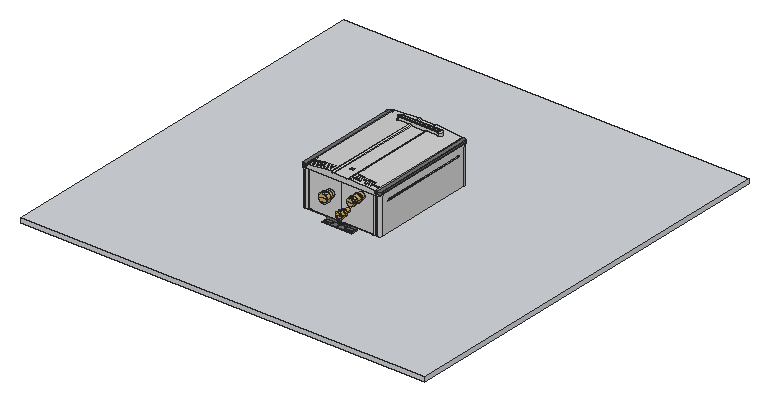
Revit family "Water_Heater-Rinnai-Ultra-Condensing-Tankless-RUS65e", category Mechanical Equipment, host Face, Revit 2012 (continued)
Definition of nested family "Water Heater"
  Definition of nested family "Masking_Nested"
    Lines and regions (in)
      Masking region 6, detail levels medium+fine
        outline origin (-35.16478, 0.40116, 0) x (1, 0, 0) y (0, 1, 0)
          loop
            line (38.70809, 12.44923) -> (38.70809, 13.93703) -> (31.62147, 13.93703) -> (31.62147, 12.44923) -> (35.01806, 12.44923)
            arc (35.01806, 12.44923) -> (34.96647, 12.52154) -> (34.94825, 12.60848) r 0.21654
            line (34.94825, 12.60848) -> (34.94825, 12.88407)
            arc (34.94825, 12.88407) -> (34.97416, 12.99629) -> (35.04667, 13.08578) r 0.25591
            line (35.04667, 13.08578) -> (35.04667, 13.27777)
            arc (35.04667, 13.27777) -> (35.16478, 13.39588) -> (35.28289, 13.27777) r 0.11811
            line (35.28289, 13.27777) -> (35.28289, 13.08578)
            arc (35.28289, 13.08578) -> (35.3554, 12.99629) -> (35.38132, 12.88407) r 0.25591
            line (35.38132, 12.88407) -> (35.38132, 12.60848)
            arc (35.38132, 12.60848) -> (35.3631, 12.52154) -> (35.3115, 12.44923) r 0.21654
            line (35.3115, 12.44923) -> (38.70809, 12.44923)
          loop
            line (31.62076, -13.55116) -> (31.62076, -14.32224) -> (38.70737, -14.32224) -> (38.70737, -13.55116) -> (36.99412, -13.55116)
            arc (36.99412, -13.55116) -> (36.91685, -13.72733) -> (36.73862, -13.79972) r 0.25559
            arc (36.73862, -13.79972) -> (36.56039, -13.72733) -> (36.48312, -13.55116) r 0.25559
            line (36.48312, -13.55116) -> (35.28217, -13.55116) -> (35.28217, -13.75667)
            arc (35.28217, -13.75667) -> (35.16406, -13.87478) -> (35.04595, -13.75667) r 0.11811
            line (35.04595, -13.75667) -> (35.04595, -13.55116) -> (33.845, -13.55116)
            arc (33.845, -13.55116) -> (33.76774, -13.72733) -> (33.58951, -13.79972) r 0.25559
            arc (33.58951, -13.79972) -> (33.41128, -13.72733) -> (33.33401, -13.55116) r 0.25559
            line (33.33401, -13.55116) -> (31.62076, -13.55116)
          loop
            line (32.39831, -13.96742) -> (32.8117, -13.96742)
            arc (32.8117, -13.96742) -> (32.91997, -13.85915) -> (32.8117, -13.75088) r 0.10827
            line (32.8117, -13.75088) -> (32.39831, -13.75088)
            arc (32.39831, -13.75088) -> (32.29005, -13.85915) -> (32.39831, -13.96742) r 0.10827
          loop
            line (32.13257, -13.76073) -> (32.13257, -13.68199)
            arc (32.13257, -13.68199) -> (32.01446, -13.56387) -> (31.89635, -13.68199) r 0.11811
            line (31.89635, -13.68199) -> (31.89635, -13.76073)
            arc (31.89635, -13.76073) -> (32.01446, -13.87884) -> (32.13257, -13.76073) r 0.11811
          loop
            arc (37.92981, -13.96742) -> (38.03808, -13.85915) -> (37.92981, -13.75088) r 0.10827
            line (37.92981, -13.75088) -> (37.20146, -13.75088)
            arc (37.20146, -13.75088) -> (37.0932, -13.85915) -> (37.20146, -13.96742) r 0.10827
            line (37.20146, -13.96742) -> (37.92981, -13.96742)
          loop
            line (38.19556, -13.68199) -> (38.19556, -13.76073)
            arc (38.19556, -13.76073) -> (38.31367, -13.87884) -> (38.43178, -13.76073) r 0.11811
            line (38.43178, -13.76073) -> (38.43178, -13.68199)
            arc (38.43178, -13.68199) -> (38.31367, -13.56387) -> (38.19556, -13.68199) r 0.11811
          loop
            circle (36.73934, 13.08086) r 0.25559
          loop
            line (37.93053, 13.50415) -> (37.51714, 13.50415)
            arc (37.51714, 13.50415) -> (37.40888, 13.39588) -> (37.51714, 13.28761) r 0.10827
            line (37.51714, 13.28761) -> (37.93053, 13.28761)
            arc (37.93053, 13.28761) -> (38.0388, 13.39588) -> (37.93053, 13.50415) r 0.10827
          loop
            line (38.19628, 13.29746) -> (38.19628, 13.21872)
            arc (38.19628, 13.21872) -> (38.31439, 13.10061) -> (38.4325, 13.21872) r 0.11811
            line (38.4325, 13.21872) -> (38.4325, 13.29746)
            arc (38.4325, 13.29746) -> (38.31439, 13.41557) -> (38.19628, 13.29746) r 0.11811
          loop
            arc (32.39903, 13.50415) -> (32.29077, 13.39588) -> (32.39903, 13.28761) r 0.10827
            line (32.39903, 13.28761) -> (33.12738, 13.28761)
            arc (33.12738, 13.28761) -> (33.23565, 13.39588) -> (33.12738, 13.50415) r 0.10827
            line (33.12738, 13.50415) -> (32.39903, 13.50415)
          loop
            circle (33.59023, 13.08086) r 0.25559
          loop
            line (32.13329, 13.21872) -> (32.13329, 13.29746)
            arc (32.13329, 13.29746) -> (32.01518, 13.41557) -> (31.89706, 13.29746) r 0.11811
            line (31.89706, 13.29746) -> (31.89706, 13.21872)
            arc (31.89706, 13.21872) -> (32.01518, 13.10061) -> (32.13329, 13.21872) r 0.11811
      Masking region 7, detail levels medium+fine
        outline origin (-35.26953, 0, 0) x (1, 0, 0) y (0, 0, 1)
          loop
            line (26.00572, -0.04045) -> (31.72622, -0.04045) -> (31.72622, -0.6218) -> (38.83231, -0.6218) -> (38.83231, -0.04045) -> (44.53334, -0.04045) -> (44.53334, 9.35031)
            arc (44.53334, 9.35031) -> (44.51461, 9.40103) -> (44.46742, 9.42742) r 0.07806
            arc (44.46742, 9.42742) -> (44.03663, 9.49362) -> (43.60536, 9.55665) r 59.05511
            arc (43.60536, 9.55665) -> (43.57084, 9.52054) -> (43.53502, 9.48571) r 1.36561
            arc (43.53502, 9.48571) -> (43.54854, 9.53813) -> (43.50686, 9.57269) r 0.05052
            arc (43.50686, 9.57269) -> (42.03052, 9.74921) -> (40.55147, 9.90144) r 92.07872
            line (40.55147, 9.90144) -> (40.52642, 10.61861)
            arc (40.52642, 10.61861) -> (40.49773, 10.68306) -> (40.43231, 10.70949) r 0.09417
            line (40.43231, 10.70949) -> (30.10675, 10.70949)
            arc (30.10675, 10.70949) -> (30.04134, 10.68306) -> (30.01264, 10.61861) r 0.09417
            line (30.01264, 10.61861) -> (29.9876, 9.90144)
            arc (29.9876, 9.90144) -> (28.53696, 9.75237) -> (27.08886, 9.58034) r 92.07872
            arc (27.08886, 9.58034) -> (27.02495, 9.52621) -> (27.04849, 9.44583) r 0.07682
            arc (27.04849, 9.44583) -> (26.98948, 9.49957) -> (26.9337, 9.55665) r 1.36561
            arc (26.9337, 9.55665) -> (26.50314, 9.49373) -> (26.07305, 9.42764) r 59.05511
            arc (26.07305, 9.42764) -> (26.02485, 9.40069) -> (26.00572, 9.34888) r 0.07973
            line (26.00572, 9.34888) -> (26.00572, -0.04045)
      Masking region 8, detail levels medium+fine
        outline origin (0, 45, 0) x (0, 1, 0) y (0, 0, 1)
          loop
            line (-57.44869, -0.04045) -> (-32.55204, -0.04045)
            arc (-32.55204, -0.04045) -> (-32.52623, -0.09026) -> (-32.47382, -0.11024) r 0.07874
            line (-32.47382, -0.11024) -> (-32.17973, -0.11024) -> (-32.17973, -0.56308)
            arc (-32.17973, -0.56308) -> (-32.17168, -0.58251) -> (-32.15226, -0.59055) r 0.02747
            line (-32.15226, -0.59055) -> (-30.69363, -0.59055)
            arc (-30.69363, -0.59055) -> (-30.66213, -0.55906) -> (-30.69363, -0.52756) r 0.0315
            line (-30.69363, -0.52756) -> (-32.11674, -0.52756) -> (-32.11674, -0.04045) -> (-32.27422, -0.04045) -> (-32.27422, 8.75945) -> (-32.15, 8.75945) -> (-32.15, 10.14451) -> (-33.98648, 10.14451) -> (-34.00323, 10.62438)
            arc (-34.00323, 10.62438) -> (-34.03011, 10.68474) -> (-34.09137, 10.70949) r 0.08819
            line (-34.09137, 10.70949) -> (-34.93748, 10.70949)
            arc (-34.93748, 10.70949) -> (-34.99701, 10.68544) -> (-35.02312, 10.62679) r 0.08569
            line (-35.02312, 10.62679) -> (-35.03996, 10.14451) -> (-58.55116, 10.14451) -> (-58.55116, 8.75945) -> (-57.81875, 8.75945) -> (-57.81875, -0.04045) -> (-57.884, -0.04045) -> (-57.884, -0.52756) -> (-59.30711, -0.52756)
            arc (-59.30711, -0.52756) -> (-59.3386, -0.55906) -> (-59.30711, -0.59055) r 0.0315
            line (-59.30711, -0.59055) -> (-57.8478, -0.59055)
            arc (-57.8478, -0.59055) -> (-57.82886, -0.58271) -> (-57.82101, -0.56377) r 0.02679
            line (-57.82101, -0.56377) -> (-57.82101, -0.11024) -> (-57.52692, -0.11024)
            arc (-57.52692, -0.11024) -> (-57.47451, -0.09026) -> (-57.44869, -0.04045) r 0.07874
      symbolic lines, style "Water Heater", detail levels medium+fine
        curve 1: line (8.32249, 12.84217, 0) -> (8.32249, -13.15, 0)
        curve 2: line (-8.34917, 12.84217, 0) -> (-8.34917, -13.15, 0)
        curve 3: line (-2.16191, 11.02054, 0) -> (2.13519, 11.02144, 0)
        curve 4: line (2.13519, 9.95477, 0) -> (-2.16191, 9.95477, 0)
        curve 5: line (-9.25, 0, 8.98484) -> (-8.45921, 0, 8.98484)
        curve 6: line (-8.45921, 0, 8.98484) -> (-8.09256, 0, 9.19653)
        curve 7: line (-8.09256, 0, 9.19653) -> (-8.09256, 0, 9.34812)
        curve 8: arc (-8.09256, 0, 9.34812) -> (-8.15825, 0, 9.39508) -> (-8.22104, 0, 9.44583) r 1.36561
        curve 9: line (9.26381, 0, 8.75945) -> (-9.27756, 0, 8.75945)
        curve 10: arc (-5.27647, 0, 9.90196) -> (-3.77127, 0, 10.03206) -> (-2.26413, 0, 10.13746) r 92.07872
        curve 11: line (-1.61887, 0, 9.90169) -> (1.61887, 0, 9.90169)
        curve 12: line (-2.0392, 0, 10.10161) -> (-1.76603, 0, 9.94389)
        curve 13: arc (-2.26413, 0, 10.13746) -> (-2.14787, 0, 10.14334) -> (-2.0392, 0, 10.10161) r 0.28099
        curve 14: arc (-1.76603, 0, 9.94389) -> (-1.69501, 0, 9.91385) -> (-1.61887, 0, 9.90169) r 0.31957
        curve 15: line (9.25, 0, 8.98484) -> (8.45921, 0, 8.98484)
        curve 16: line (8.45921, 0, 8.98484) -> (8.09256, 0, 9.19653)
        curve 17: line (8.09256, 0, 9.19653) -> (8.09256, 0, 9.34812)
        curve 18: arc (8.09256, 0, 9.34812) -> (8.18181, 0, 9.41341) -> (8.26549, 0, 9.48571) r 1.36561
        curve 19: arc (5.27647, 0, 9.90196) -> (3.77127, 0, 10.03206) -> (2.26413, 0, 10.13746) r 92.07872
        curve 20: line (2.0392, 0, 10.10161) -> (1.76603, 0, 9.94389)
        curve 21: arc (2.26413, 0, 10.13746) -> (2.14787, 0, 10.14334) -> (2.0392, 0, 10.10161) r 0.28099
        curve 22: arc (1.76603, 0, 9.94389) -> (1.69501, 0, 9.91385) -> (1.61887, 0, 9.90169) r 0.31957
        curve 23: line (7.75409, 0, 8.75945) -> (7.75409, 0, 0)
        curve 24: line (-7.75409, 0, 8.75945) -> (-7.75409, 0, -0.04045)
        curve 25: arc (-1.40688, 0, 0) -> (0, 0, -0.34536) -> (1.40688, 0, 0) r 3.03824
        curve 26: line (-3.54331, 0, -0.04045) -> (3.54331, 0, -0.04045)
        curve 27: line (3.54331, 0, -0.52756) -> (-3.54331, 0, -0.52756)
        curve 28: spline (0, 11.02, 9.95112) -> (0, 11.00267, 9.93884) -> (0, 10.94985, 9.92738) -> (0, 10.86516, 9.91753) -> (0, 10.75444, 9.90997) -> (0, 10.6253, 9.90521) -> (0, 10.48661, 9.90359) -> (0, 10.34793, 9.90521) -> (0, 10.21878, 9.90997) -> (0, 10.10806, 9.91753) -> (0, 10.02337, 9.92738) -> (0, 9.97055, 9.93884) -> (0, 9.95322, 9.95112)
        curve 29: line (0, 11.01351, 10.14451) -> (0, 11.02, 9.95112)
        curve 30: line (0, 9.95972, 10.14451) -> (0, 9.95322, 9.95112)
        curve 31: line (0, -11.22237, 9.92728) -> (0, -11.22237, 10.09602)
        curve 32: spline (0, -11.22237, 10.09602) -> (0, -11.21722, 10.09869) -> (0, -11.20212, 10.10119) -> (0, -11.1781, 10.10333) -> (0, -11.14681, 10.10498) -> (0, -11.11036, 10.10601) -> (0, -11.07125, 10.10636) -> (0, -11.03214, 10.10601) -> (0, -10.99569, 10.10498) -> (0, -10.96439, 10.10333) -> (0, -10.94038, 10.10119) -> (0, -10.92528, 10.09869) -> (0, -10.92013, 10.09602)
        curve 33: line (0, -10.92013, 10.09602) -> (0, -10.92013, 9.92728)
        curve 34: spline (0, -10.92013, 9.92728) -> (0, -10.92528, 9.92371) -> (0, -10.94038, 9.92038) -> (0, -10.96439, 9.91752) -> (0, -10.99569, 9.91533) -> (0, -11.03214, 9.91395) -> (0, -11.07125, 9.91348) -> (0, -11.11036, 9.91395) -> (0, -11.14681, 9.91533) -> (0, -11.1781, 9.91752) -> (0, -11.20212, 9.92038) -> (0, -11.21722, 9.92371) -> (0, -11.22237, 9.92728)
        curve 35: line (0, -11.63111, 9.92728) -> (0, -11.63108, 10.09602)
        curve 36: spline (0, -11.63108, 10.09602) -> (0, -11.63623, 10.09869) -> (0, -11.65132, 10.10119) -> (0, -11.67534, 10.10333) -> (0, -11.70663, 10.10498) -> (0, -11.74308, 10.10601) -> (0, -11.78218, 10.10636) -> (0, -11.82129, 10.10601) -> (0, -11.85774, 10.10498) -> (0, -11.88903, 10.10333) -> (0, -11.91305, 10.10119) -> (0, -11.92814, 10.09869) -> (0, -11.93329, 10.09602)
        curve 37: line (0, -11.93329, 10.09602) -> (0, -11.93326, 9.92728)
        curve 38: spline (0, -11.93326, 9.92728) -> (0, -11.92811, 9.92371) -> (0, -11.91302, 9.92038) -> (0, -11.88901, 9.91752) -> (0, -11.85772, 9.91533) -> (0, -11.82129, 9.91395) -> (0, -11.78218, 9.91348) -> (0, -11.74308, 9.91395) -> (0, -11.70665, 9.91533) -> (0, -11.67536, 9.91752) -> (0, -11.65135, 9.92038) -> (0, -11.63626, 9.92371) -> (0, -11.63111, 9.92728)
        curve 39: line (0, -12.34205, 9.92728) -> (0, -12.34202, 10.09602)
        curve 40: spline (0, -12.34202, 10.09602) -> (0, -12.34716, 10.09869) -> (0, -12.36226, 10.10119) -> (0, -12.38627, 10.10333) -> (0, -12.41757, 10.10498) -> (0, -12.45401, 10.10601) -> (0, -12.49312, 10.10636) -> (0, -12.53223, 10.10601) -> (0, -12.56868, 10.10498) -> (0, -12.59997, 10.10333) -> (0, -12.62399, 10.10119) -> (0, -12.63908, 10.09869) -> (0, -12.64423, 10.09602)
        curve 41: line (0, -12.64423, 10.09602) -> (0, -12.6442, 9.92728)
        curve 42: spline (0, -12.6442, 9.92728) -> (0, -12.63905, 9.92371) -> (0, -12.62396, 9.92038) -> (0, -12.59995, 9.91752) -> (0, -12.56866, 9.91533) -> (0, -12.53222, 9.91395) -> (0, -12.49312, 9.91348) -> (0, -12.45402, 9.91395) -> (0, -12.41759, 9.91533) -> (0, -12.3863, 9.91752) -> (0, -12.36229, 9.92038) -> (0, -12.3472, 9.92371) -> (0, -12.34205, 9.92728)
        curve 43: spline (0, -10.92018, 9.86539) -> (0, -10.92518, 9.86925) -> (0, -10.94018, 9.87285) -> (0, -10.96417, 9.87594) -> (0, -10.99551, 9.87832) -> (0, -11.03203, 9.87981) -> (0, -11.07125, 9.88032) -> (0, -11.11046, 9.87981) -> (0, -11.14699, 9.87832) -> (0, -11.17832, 9.87594) -> (0, -11.20231, 9.87285) -> (0, -11.21732, 9.86925) -> (0, -11.22231, 9.86539)
        curve 44: spline (0, -11.22227, 9.63281) -> (0, -11.21712, 9.62807) -> (0, -11.20204, 9.62365) -> (0, -11.17804, 9.61986) -> (0, -11.14676, 9.61695) -> (0, -11.11033, 9.61512) -> (0, -11.07125, 9.6145) -> (0, -11.03216, 9.61512) -> (0, -10.99574, 9.61695) -> (0, -10.96446, 9.61986) -> (0, -10.94046, 9.62365) -> (0, -10.92537, 9.62807) -> (0, -10.92023, 9.63281)
        curve 45: line (0, -11.22239, 9.86539) -> (0, -11.22239, 9.63281)
        curve 46: line (0, -10.9201, 9.63281) -> (0, -10.9201, 9.86539)
        curve 47: spline (0, -11.63112, 9.86829) -> (0, -11.63611, 9.87215) -> (0, -11.65112, 9.87575) -> (0, -11.67511, 9.87884) -> (0, -11.70645, 9.88122) -> (0, -11.74297, 9.88271) -> (0, -11.78218, 9.88322) -> (0, -11.8214, 9.88271) -> (0, -11.85792, 9.88122) -> (0, -11.88926, 9.87884) -> (0, -11.91325, 9.87575) -> (0, -11.92826, 9.87215) -> (0, -11.93325, 9.86829)
        curve 48: spline (0, -11.93321, 9.6357) -> (0, -11.92806, 9.63096) -> (0, -11.91297, 9.62655) -> (0, -11.88897, 9.62276) -> (0, -11.8577, 9.61985) -> (0, -11.82127, 9.61802) -> (0, -11.78218, 9.61739) -> (0, -11.7431, 9.61802) -> (0, -11.70667, 9.61985) -> (0, -11.6754, 9.62276) -> (0, -11.6514, 9.62655) -> (0, -11.63631, 9.63096) -> (0, -11.63116, 9.6357)
        curve 49: line (0, -11.93333, 9.86829) -> (0, -11.93333, 9.6357)
        curve 50: line (0, -11.63104, 9.6357) -> (0, -11.63104, 9.86829)
        curve 51: spline (0, -12.34206, 9.86829) -> (0, -12.34705, 9.87215) -> (0, -12.36206, 9.87575) -> (0, -12.38605, 9.87884) -> (0, -12.41738, 9.88122) -> (0, -12.45391, 9.88271) -> (0, -12.49312, 9.88322) -> (0, -12.53234, 9.88271) -> (0, -12.56886, 9.88122) -> (0, -12.6002, 9.87884) -> (0, -12.62419, 9.87575) -> (0, -12.63919, 9.87215) -> (0, -12.64419, 9.86829)
        curve 52: spline (0, -12.64414, 9.6357) -> (0, -12.639, 9.63096) -> (0, -12.62391, 9.62655) -> (0, -12.59991, 9.62276) -> (0, -12.56863, 9.61985) -> (0, -12.53221, 9.61802) -> (0, -12.49312, 9.61739) -> (0, -12.45404, 9.61802) -> (0, -12.41761, 9.61985) -> (0, -12.38633, 9.62276) -> (0, -12.36233, 9.62655) -> (0, -12.34725, 9.63096) -> (0, -12.3421, 9.6357)
        curve 53: line (0, -12.64427, 9.86829) -> (0, -12.64427, 9.6357)
        curve 54: line (0, -12.34198, 9.6357) -> (0, -12.34198, 9.86829)
        curve 55: line (0, -13.55116, 9.55665) -> (0, 12.84217, 9.55665)
        curve 56: spline (0, -13.55107, 9.52892) -> (0, -13.54779, 9.51829) -> (0, -13.53763, 9.50771) -> (0, -13.52069, 9.49729) -> (0, -13.49712, 9.48711) -> (0, -13.46713, 9.47728) -> (0, -13.43101, 9.46787) -> (0, -13.38907, 9.45898) -> (0, -13.3417, 9.45069) -> (0, -13.28933, 9.44306) -> (0, -13.23243, 9.43618) -> (0, -13.17152, 9.43009) -> (0, -13.10716, 9.42487)
        curve 57: line (0, -12.94411, 9.35175) -> (0, -12.94411, 8.98484)
        curve 58: spline (0, -12.94411, 9.35175) -> (0, -12.95571, 9.36207) -> (0, -12.9678, 9.3717) -> (0, -12.98035, 9.38062) -> (0, -12.99333, 9.38879) -> (0, -13.00668, 9.3962) -> (0, -13.02037, 9.40281) -> (0, -13.03436, 9.40861) -> (0, -13.0486, 9.41358) -> (0, -13.06304, 9.4177) -> (0, -13.07765, 9.42096) -> (0, -13.09237, 9.42335) -> (0, -13.10716, 9.42487)
        curve 59: line (0, -13.55116, 8.98484) -> (0, 12.85, 8.98484)
        curve 60: line (0, 12.72578, 8.75945) -> (0, -12.75728, 8.75945)
        curve 61: line (0, 12.23513, 8.98484) -> (0, 12.23513, 9.35174)
        curve 62: spline (0, 12.23513, 9.35174) -> (0, 12.2467, 9.36204) -> (0, 12.25877, 9.37166) -> (0, 12.2713, 9.38057) -> (0, 12.28425, 9.38873) -> (0, 12.29758, 9.39613) -> (0, 12.31125, 9.40274) -> (0, 12.32521, 9.40854) -> (0, 12.33942, 9.41351) -> (0, 12.35384, 9.41763) -> (0, 12.36842, 9.4209) -> (0, 12.38311, 9.4233) -> (0, 12.39788, 9.42483)
        curve 63: spline (0, 12.39788, 9.42483) -> (0, 12.46228, 9.43013) -> (0, 12.52322, 9.43628) -> (0, 12.58016, 9.44321) -> (0, 12.63256, 9.45087) -> (0, 12.67996, 9.4592) -> (0, 12.72193, 9.4681) -> (0, 12.75808, 9.4775) -> (0, 12.78809, 9.48732) -> (0, 12.81167, 9.49747) -> (0, 12.82863, 9.50785) -> (0, 12.8388, 9.51837) -> (0, 12.84209, 9.52894)
        curve 64: line (0, 10.49722, 7.02598) -> (0, -10.79361, 7.02598)
        curve 65: arc (0, -10.79361, 7.02598) -> (0, -10.97143, 6.82414) -> (0, -10.79362, 6.6223) r 0.20346
        curve 66: line (0, -10.79362, 6.6223) -> (0, 10.49723, 6.6223)
        curve 67: arc (0, 10.49723, 6.6223) -> (0, 10.67482, 6.82414) -> (0, 10.49722, 7.02598) r 0.20349
        curve 68: line (0, 12.72578, -0.04045) -> (0, 12.44796, -0.04045)
        curve 69: line (0, -12.82027, -0.04045) -> (0, -12.44796, -0.04045)
      symbolic lines, style "Water Heater", detail levels fine
        curve 70: line (-1.46319, -10.89969, 0) -> (1.43194, -10.89969, 0)
        curve 71: line (-1.54319, -12.67499, 0) -> (-1.54319, -10.97969, 0)
        curve 72: line (1.43194, -12.75499, 0) -> (-1.46319, -12.75499, 0)
        curve 73: line (1.51194, -10.97969, 0) -> (1.51194, -12.67499, 0)
        curve 74: arc (-1.54319, -10.97969, 0) -> (-1.51976, -10.92312, 0) -> (-1.46319, -10.89969, 0) r 0.08
        curve 75: arc (1.43194, -10.89969, 0) -> (1.48851, -10.92312, 0) -> (1.51194, -10.97969, 0) r 0.08
        curve 76: arc (1.43194, -12.75499, 0) -> (1.48851, -12.73156, 0) -> (1.51194, -12.67499, 0) r 0.08
        curve 77: arc (-1.46319, -12.75499, 0) -> (-1.51976, -12.73156, 0) -> (-1.54319, -12.67499, 0) r 0.08
        curve 78: arc (-2.28358, 0, 8.93988) -> (-2.45244, 0, 9.32708) -> (-2.84581, 0, 9.48103) r 0.55118
        curve 79: arc (-6.74186, 0, 9.40231) -> (-7.06625, 0, 9.26416) -> (-7.20465, 0, 8.93988) r 0.47244
        curve 80: line (-6.74186, 0, 9.40231) -> (-2.84581, 0, 9.48103)
        curve 81: line (-2.28358, 0, 8.93988) -> (-7.20465, 0, 8.93988)
        curve 82: arc (2.28358, 0, 8.93988) -> (2.45244, 0, 9.32708) -> (2.84581, 0, 9.48103) r 0.55118
        curve 83: arc (6.74186, 0, 9.40231) -> (7.06625, 0, 9.26416) -> (7.20465, 0, 8.93988) r 0.47244
        curve 84: line (6.74186, 0, 9.40231) -> (2.84581, 0, 9.48103)
        curve 85: line (2.28358, 0, 8.93988) -> (7.20465, 0, 8.93988)
        curve 86: line (-1.02365, 0, 9.40241) -> (1.02359, 0, 9.40241)
        curve 87: arc (-1.02365, 0, 9.40241) -> (-1.35419, 0, 9.26752) -> (-1.49599, 0, 8.93988) r 0.47244
        curve 88: arc (1.49593, 0, 8.93988) -> (1.35414, 0, 9.26752) -> (1.02359, 0, 9.40241) r 0.47244
        curve 89: line (1.49593, 0, 8.93988) -> (-1.49599, 0, 8.93988)
    Dimensions and locks (in)
      equal spacing: plane 4, plane 3 "Center (Left/Right)", plane 5
      "Width": plane 4 to plane 5
      plane 8 to plane 1 "Center (Front/Back)" = 12.85"
      "Depth": plane 6 to plane 2
      plane 8 to plane 10 = 26"
      aligned and locked: plane 2 to level
    Automatic sketch dimensions
      curve 59 to plane 8 = 0"
      curve 55 to plane 8 = 1/128"
      curve 63 to plane 8 = 0.00791"
      curve 63 to curve 63 = 0"
      curve 60 to plane 8 = 0.12422"
      curve 68 to level = 0.04045"
      curve 68 to plane 8 = 0.12422"
      curve 62 to plane 8 = 0.36654"
      curve 68 to curve 68 = 0.27783"
      curve 62 to curve 62 = 0.07783"
      curve 63 to curve 62 = 0.08558"
      curve 62 to curve 62 = 0.16276"
      curve 63 to curve 61 = 0.15296"
      curve 28 to plane 6 = 0.14888"  (x2)
      curve 28 to curve 63 = 1.06217"
      plane 6 to curve 29 = 0.04451"
      curve 29 to curve 29 = 0.00649"
      curve 67 to plane 8 = 2.35277"
      curve 64 to curve 67 = 0"
      curve 28 to curve 28 = 0.53339"
      curve 67 to curve 66 = 0.0259"
      plane 6 to curve 30 = 0.04451"
      curve 30 to curve 28 = 0.5269"
      curve 28 to curve 30 = 0"
      curve 65 to curve 65 = 0.02564"
      curve 66 to curve 65 = 0.02565"
      curve 46 to plane 6 = 0.46719"
      curve 34 to curve 46 = 0.00003"
      curve 43 to curve 46 = 0.00008"
      curve 43 to curve 43 = 0"
      curve 44 to curve 46 = 0.00012"
      curve 44 to curve 44 = 0.15102"
      curve 43 to curve 43 = 0.15107"
      curve 32 to plane 6 = 0.00398"
      curve 32 to curve 32 = 0.15112"
      curve 31 to curve 43 = 0.00005"
      curve 45 to curve 44 = 0.00012"
      curve 50 to curve 45 = 0.40865"
      curve 36 to plane 6 = 0.00398"
      curve 36 to curve 50 = 0.00004"
      curve 38 to curve 50 = 0.00007"
      curve 47 to curve 50 = 0.00008"
      curve 47 to curve 47 = 0"
      curve 48 to curve 50 = 0.00012"
      curve 48 to curve 48 = 0.15102"
      curve 38 to curve 47 = 0"  (x2)
      curve 36 to curve 35 = 0.15111"
      curve 37 to plane 6 = 0.00398"
      curve 37 to curve 36 = 0.15111"
      curve 49 to curve 47 = 0.00008"
      curve 49 to curve 48 = 0.00012"
      curve 54 to curve 49 = 0.40865"
      curve 39 to plane 6 = 0.00398"
      curve 39 to curve 54 = 0.00004"
      curve 42 to curve 54 = 0.00007"
      curve 51 to curve 54 = 0.00008"
      curve 51 to curve 51 = 0"
      curve 52 to curve 54 = 0.00012"
      curve 69 to level = 0.04045"
      curve 52 to curve 52 = 0.15102"
      curve 51 to curve 51 = 0.15107"
      curve 42 to curve 51 = 0"  (x2)
      curve 40 to plane 6 = 0.00398"
      curve 40 to curve 39 = 0.15111"
      curve 53 to curve 52 = 0.00012"
      curve 58 to curve 58 = 0.16305"
      curve 58 to curve 57 = 0.1705"
      curve 58 to curve 56 = 0.08529"
      curve 56 to curve 58 = 0.35863"
      curve 56 to curve 56 = 0"
      curve 59 to curve 58 = 0.43655"
      curve 55 to curve 56 = 0.00008"
      curve 65 to curve 46 = 3.01051"
      curve 66 to curve 67 = 0.20184"
      curve 60 to plane 6 = 1.34055"
      curve 60 to curve 59 = 0.22539"
      curve 61 to curve 62 = 0.15843"
      curve 57 to curve 58 = 0.15844"
      curve 62 to curve 62 = 0.06438"
      curve 58 to curve 58 = 0.06439"
      curve 61 to curve 63 = 0.17149"
      curve 57 to curve 56 = 0.17278"
      curve 56 to curve 55 = 0.02773"
      curve 45 to curve 46 = 0"
      curve 44 to curve 46 = 0"
      curve 45 to curve 50 = 0.0029"
      curve 49 to curve 50 = 0"
      curve 56 to curve 52 = 0.11117"
      curve 53 to curve 52 = 0"
      curve 48 to curve 50 = 0"
      curve 52 to curve 54 = 0"
      curve 46 to curve 32 = 0.23063"
      curve 45 to curve 31 = 0.23063"
      curve 45 to curve 43 = 0"
      curve 43 to curve 43 = 0.00007"
      curve 54 to curve 40 = 0.22773"
      curve 50 to curve 36 = 0.22773"
      curve 49 to curve 36 = 0.22773"
      curve 49 to curve 47 = 0"
      curve 54 to curve 51 = 0"
      curve 53 to curve 51 = 0"
      curve 47 to curve 47 = 0.00007"
      curve 51 to curve 51 = 0.00007"
      curve 47 to curve 35 = 0.05892"
      curve 47 to curve 37 = 0.05899"
      curve 51 to curve 42 = 0.05899"
      curve 51 to curve 42 = 0.05892"  (x2)
      curve 37 to curve 38 = 0"
      curve 43 to curve 34 = 0.06182"
      curve 28 to curve 30 = 0.00035"
      curve 41 to plane 6 = 0.00398"
      Masking region 1 sketch curve to plane 4 = 0.00047"
      Masking region 1 sketch curve to plane 5 = 0.00047"
      plane 8 to Masking region 1 sketch curve = 0.00039"
      Masking region 2 sketch curve to plane 8 = 0"
      Masking region 2 sketch curve to plane 4 = 0.00047"
      plane 4 to Masking region 2 sketch curve = 0.74953"  (x2)
      plane 5 to Masking region 2 sketch curve = 0.74953"  (x2)
      Masking region 2 sketch curve to plane 5 = 0.00047"
      Masking region 3 sketch curve to level = 0.6218"
      Masking region 3 sketch curve to plane 4 = 0.00047"
      Masking region 3 sketch curve to plane 5 = 0.00047"
      plane 6 to Masking region 3 sketch curve = 0.03196"
      Masking region 4 sketch curve to level = 0.59055"
      Masking region 4 sketch curve to plane 8 = 0"
      plane 6 to Masking region 4 sketch curve = 0.03196"
      Masking region 5 sketch curve to plane 8 = 0"
      plane 4 to Masking region 5 sketch curve = 1.47856"
      Masking region 5 sketch curve to Masking region 5 sketch curve = 0"  (x19)
      Masking region 5 sketch curve to Masking region 5 sketch curve = 2.10379"  (x3)
      Masking region 5 sketch curve to Masking region 5 sketch curve = 0.65011"  (x5)
      plane 4 to Masking region 5 sketch curve = 4.49205"
      Masking region 5 sketch curve to Masking region 5 sketch curve = 1/256"  (x3)
      Masking region 5 sketch curve to Masking region 5 sketch curve = 0.0406"
      Masking region 5 sketch curve to plane 3 "Center (Left/Right)" = 2.16191"
      plane 3 "Center (Left/Right)" to Masking region 5 sketch curve = 2.13519"  (x2)
      Masking region 5 sketch curve to Masking region 5 sketch curve = 0.75187"
      Masking region 5 sketch curve to Masking region 5 sketch curve = 2.55548"
      Masking region 5 sketch curve to Masking region 5 sketch curve = 0.0367"
      Masking region 5 sketch curve to plane 8 = 1.82801"
      plane 5 to Masking region 5 sketch curve = 1.50524"
      Masking region 5 sketch curve to Masking region 5 sketch curve = 0.15114"  (x12)
      Masking region 5 sketch curve to Masking region 5 sketch curve = 0.40865"  (x8)
      Masking region 5 sketch curve to plane 8 = 2.89679"
      Masking region 5 sketch curve to Masking region 5 sketch curve = 0.00156"
      Masking region 5 sketch curve to Masking region 5 sketch curve = 1.06722"
      Masking region 5 sketch curve to Masking region 5 sketch curve = 0.15631"
      Masking region 5 sketch curve to Masking region 5 sketch curve = 0.37709"  (x2)
      Masking region 5 sketch curve to Masking region 5 sketch curve = 0.00197"
      Masking region 5 sketch curve to Masking region 5 sketch curve = 1.06577"
      Masking region 5 sketch curve to Masking region 5 sketch curve = 1.06667"
      Masking region 7 sketch curve to plane 4 = 0.01381"
      plane 4 to Masking region 7 sketch curve = 0.05352"
      Masking region 7 sketch curve to Masking region 7 sketch curve = 0"  (x8)
      plane 4 to Masking region 7 sketch curve = 0.06592"
      Masking region 7 sketch curve to Masking region 7 sketch curve = 0.86065"
      Masking region 7 sketch curve to Masking region 7 sketch curve = 0.11479"
      Masking region 7 sketch curve to Masking region 7 sketch curve = 0.04037"
      Masking region 7 sketch curve to Masking region 7 sketch curve = 0.05004"
      plane 6 to Masking region 7 sketch curve = 0.38203"  (x2)
      Masking region 7 sketch curve to Masking region 7 sketch curve = 0.84911"
      Masking region 7 sketch curve to plane 6 = 0.19856"  (x2)
      Masking region 7 sketch curve to Masking region 7 sketch curve = 2.04962"
      Masking region 7 sketch curve to Masking region 7 sketch curve = 0.02504"  (x2)
      Masking region 7 sketch curve to Masking region 7 sketch curve = 0.09411"  (x2)
      Masking region 7 sketch curve to level = 0.6218"
      Masking region 7 sketch curve to plane 3 "Center (Left/Right)" = 3.54331"
      Masking region 7 sketch curve to plane 3 "Center (Left/Right)" = 3.40532"
      Masking region 7 sketch curve to plane 3 "Center (Left/Right)" = 0.01184"
      plane 3 "Center (Left/Right)" to Masking region 7 sketch curve = 0.01184"
      plane 3 "Center (Left/Right)" to Masking region 7 sketch curve = 3.40532"
      plane 3 "Center (Left/Right)" to Masking region 7 sketch curve = 3.56278"
      plane 6 to Masking region 7 sketch curve = 0.51532"
      plane 5 to Masking region 7 sketch curve = 4.08722"
      plane 5 to Masking region 7 sketch curve = 1.91844"
      plane 5 to Masking region 7 sketch curve = 1.01906"
      Masking region 7 sketch curve to Masking region 7 sketch curve = 0.00639"
      Masking region 7 sketch curve to Masking region 7 sketch curve = 0.00006"
      Masking region 7 sketch curve to Masking region 7 sketch curve = 0.03455"
      Masking region 7 sketch curve to Masking region 7 sketch curve = 0.0985"
      plane 5 to Masking region 7 sketch curve = 0.06425"
      plane 5 to Masking region 7 sketch curve = 0.05211"
      Masking region 7 sketch curve to plane 5 = 0.01381"
      Masking region 7 sketch curve to Masking region 7 sketch curve = 48.28707"
      Masking region 7 sketch curve to Masking region 7 sketch curve = 32.85768"
      Masking region 7 sketch curve to level = 0.04045"  (x2)
      Masking region 7 sketch curve to Masking region 7 sketch curve = 0.03686"
      Masking region 7 sketch curve to Masking region 7 sketch curve = 0.71388"
      Masking region 7 sketch curve to Masking region 7 sketch curve = 0.00329"
      Masking region 8 sketch curve to plane 8 = 0"
      Masking region 8 sketch curve to plane 8 = 0.00226"
      Masking region 8 sketch curve to Masking region 8 sketch curve = 0.02747"
      Masking region 8 sketch curve to Masking region 8 sketch curve = 0.12422"
      Masking region 8 sketch curve to level = 0.11024"
      Masking region 8 sketch curve to Masking region 8 sketch curve = 0.1996"
      Masking region 8 sketch curve to level = 0.04045"  (x3)
      Masking region 8 sketch curve to Masking region 8 sketch curve = 0.07823"  (x2)
      plane 6 to Masking region 8 sketch curve = 0.04451"  (x2)
      Masking region 8 sketch curve to Masking region 8 sketch curve = 1.83648"
      Masking region 8 sketch curve to Masking region 8 sketch curve = 0.01676"
      Masking region 8 sketch curve to Masking region 8 sketch curve = 0.08814"
      Masking region 8 sketch curve to Masking region 8 sketch curve = 0.8461"
      Masking region 8 sketch curve to Masking region 8 sketch curve = 0.08564"
      Masking region 8 sketch curve to Masking region 8 sketch curve = 0.01684"
      Masking region 8 sketch curve to level = 0.0315"
      Masking region 8 sketch curve to level = 0.52756"
      Masking region 8 sketch curve to Masking region 8 sketch curve = 1.42311"  (x2)
      plane 8 to Masking region 8 sketch curve = 0.03326"
      Masking region 8 sketch curve to level = 0.59055"
      Masking region 8 sketch curve to Masking region 8 sketch curve = 0.06299"
      Masking region 8 sketch curve to Masking region 8 sketch curve = 0.0315"
      Masking region 8 sketch curve to plane 6 = 1.34055"  (x2)
      Masking region 8 sketch curve to Masking region 8 sketch curve = 0.47679"
      Masking region 8 sketch curve to Masking region 8 sketch curve = 0.47929"
      Masking region 8 sketch curve to Masking region 8 sketch curve = 0.00308"
      Masking region 6 sketch curve to Masking region 6 sketch curve = 0"  (x7)
      plane 8 to Masking region 6 sketch curve = 0.00039"  (x2)
      Masking region 6 sketch curve to plane 3 "Center (Left/Right)" = 0"  (x2)
      Masking region 6 sketch curve to plane 3 "Center (Left/Right)" = 0.11883"
      Masking region 6 sketch curve to plane 3 "Center (Left/Right)" = 0.03937"
      Masking region 6 sketch curve to plane 3 "Center (Left/Right)" = 0.11811"
      Masking region 6 sketch curve to Masking region 6 sketch curve = 0.17717"
      Masking region 6 sketch curve to Masking region 6 sketch curve = 1.20095"  (x2)
      Masking region 6 sketch curve to Masking region 6 sketch curve = 0.2555"  (x4)
      plane 8 to Masking region 6 sketch curve = 0.37642"  (x2)
      Masking region 6 sketch curve to Masking region 6 sketch curve = 1.35802"  (x2)
      Masking region 6 sketch curve to Masking region 6 sketch curve = 0.46285"
      Masking region 6 sketch curve to Masking region 6 sketch curve = 0.52231"
      Masking region 6 sketch curve to Masking region 6 sketch curve = 0.41339"  (x2)
      Masking region 6 sketch curve to Masking region 6 sketch curve = 0.72835"  (x2)
      Masking region 6 sketch curve to Masking region 6 sketch curve = 0.26575"  (x4)
      Masking region 6 sketch curve to Masking region 6 sketch curve = 0.11811"  (x4)
      Masking region 6 sketch curve to Masking region 6 sketch curve = 0.27559"  (x5)
      plane 3 "Center (Left/Right)" to Masking region 6 sketch curve = 0.03937"
      Masking region 6 sketch curve to plane 3 "Center (Left/Right)" = 0.00072"
      plane 8 to Masking region 6 sketch curve = 0.88761"
      Masking region 6 sketch curve to Masking region 6 sketch curve = 0.20735"
      Masking region 6 sketch curve to Masking region 6 sketch curve = 0.77781"
      Masking region 6 sketch curve to Masking region 6 sketch curve = 0.00703"  (x2)
      Masking region 6 sketch curve to Masking region 6 sketch curve = 0.13083"  (x2)
      Masking region 6 sketch curve to Masking region 6 sketch curve = 0.0689"  (x2)
      Masking region 6 sketch curve to Masking region 6 sketch curve = 0.19972"
      Masking region 6 sketch curve to Masking region 6 sketch curve = 0.20551"
      Masking region 6 sketch curve to Masking region 6 sketch curve = 0.07874"  (x4)
      Masking region 6 sketch curve to Masking region 6 sketch curve = 0.10827"  (x4)
      Masking region 6 sketch curve to Masking region 6 sketch curve = 0.56152"
      plane 8 to Masking region 6 sketch curve = 0.15964"
      Masking region 6 sketch curve to Masking region 6 sketch curve = 0.25559"
      plane 8 to Masking region 6 sketch curve = 0.76988"  (x2)
      Masking region 6 sketch curve to Masking region 6 sketch curve = 0.04884"
      Masking region 6 sketch curve to Masking region 6 sketch curve = 0.19199"
      Masking region 6 sketch curve to Masking region 6 sketch curve = 0.63957"
      plane 3 "Center (Left/Right)" to Masking region 6 sketch curve = 0.14672"
      curve 5 to plane 4 = 0"
      curve 25 to level = 0"  (x2)
      curve 25 to plane 3 "Center (Left/Right)" = 0"
      curve 23 to level = 0"
      plane 5 to curve 15 = 0"
      curve 9 to plane 4 = 0.02756"
      curve 5 to curve 6 = 0.79079"
      curve 5 to curve 8 = 0.23817"
      curve 8 to curve 6 = 0.12848"
      curve 24 to level = 0.04045"
      plane 4 to curve 24 = 1.49591"
      plane 6 to curve 8 = 0.38203"
      curve 7 to curve 8 = 0.76101"
      curve 24 to curve 79 = 0.54944"
      curve 80 to plane 6 = 0.69769"
      curve 79 to curve 80 = 0.46279"
      curve 80 to curve 79 = 0.00954"
      curve 10 to plane 6 = 0.19804"
      curve 79 to curve 10 = 1.46538"
      curve 27 to level = 0.52756"
      curve 27 to plane 3 "Center (Left/Right)" = 3.54331"
      curve 26 to level = 0.04045"
      curve 26 to curve 27 = 0"  (x2)
      curve 19 to plane 3 "Center (Left/Right)" = 3.40532"
      curve 78 to plane 6 = 0.61897"
      curve 80 to curve 78 = 0.01113"
      curve 78 to curve 78 = 0.55109"
      plane 6 to curve 10 = 0.03746"
      curve 78 to curve 10 = 0.58167"
      curve 10 to curve 13 = 0.07204"
      plane 6 to curve 13 = 0.00161"
      curve 10 to curve 13 = 0.22493"
      curve 12 to plane 6 = 0.15611"
      curve 12 to curve 12 = 0.27318"
      curve 12 to curve 11 = 0.14716"
      plane 6 to curve 14 = 0.12104"
      curve 12 to curve 14 = 0.1591"
      curve 25 to plane 3 "Center (Left/Right)" = 1.40688"
      plane 6 to curve 22 = 0.12104"
      plane 3 "Center (Left/Right)" to curve 22 = 1.60693"
      curve 22 to curve 11 = 0.01194"
      curve 22 to curve 22 = 0.14716"
      plane 6 to curve 21 = 0.00161"
      curve 22 to curve 21 = 0.27318"
      curve 21 to curve 21 = 0.15289"
      plane 6 to curve 21 = 0.03746"
      curve 21 to curve 21 = 0.22493"
      curve 21 to curve 85 = 0.09148"
      curve 82 to curve 82 = 0.55109"
      curve 84 to plane 6 = 0.61897"
      curve 82 to curve 84 = 0.01113"
      plane 3 "Center (Left/Right)" to curve 10 = 3.40532"
      curve 25 to curve 26 = 2.13643"
      curve 19 to plane 6 = 0.19804"
      curve 82 to curve 19 = 2.43066"
      curve 19 to curve 83 = 1.45584"
      curve 84 to plane 6 = 0.69769"
      curve 83 to curve 84 = 0.00954"
      curve 83 to curve 83 = 0.47234"
      plane 6 to curve 18 = 0.38203"
      curve 83 to curve 18 = 0.5897"
      plane 5 to curve 23 = 1.49591"
      curve 23 to curve 17 = 0.33847"
      curve 18 to curve 18 = 0.17293"
      curve 16 to curve 15 = 0.36665"
      curve 9 to plane 5 = 0.01381"
      plane 7 to curve 25 = 2.10233"
      curve 23 to curve 84 = 0.64286"
      curve 78 to curve 80 = 0.55107"
      curve 82 to curve 84 = 0.55107"
      curve 9 to curve 15 = 0.22539"
      curve 24 to curve 6 = 0.22539"
      curve 5 to curve 7 = 0.21168"
      curve 15 to curve 17 = 0.21168"
      curve 16 to curve 18 = 0.15159"
      curve 6 to curve 7 = 0.15159"
      curve 78 to curve 87 = 0.78759"
      curve 86 to curve 86 = 2.04724"
      curve 87 to curve 87 = 0.00991"
      curve 89 to plane 3 "Center (Left/Right)" = 1.49599"
      curve 88 to curve 88 = 0.47234"
      curve 88 to curve 11 = 0.97173"
      curve 88 to curve 88 = 0.00991"
      plane 1 "Center (Front/Back)" to curve 65 = 10.76797"
      curve 46 to curve 64 = 0.1265"
      curve 69 to curve 66 = 1.65433"
      curve 60 to curve 53 = 0.11301"
      curve 56 to curve 53 = 0.14688"
      curve 69 to curve 69 = 0.37232"
      curve 57 to curve 60 = 0.18683"
      plane 1 "Center (Front/Back)" to Masking region 1 sketch curve = 13.15"
      plane 1 "Center (Front/Back)" to Masking region 2 sketch curve = 12.4"
      plane 1 "Center (Front/Back)" to Masking region 4 sketch curve = 13.55139"
      plane 1 "Center (Front/Back)" to Masking region 5 sketch curve = 10.9201"
      Masking region 5 sketch curve to Masking region 5 sketch curve = 0.50573"
      plane 1 "Center (Front/Back)" to Masking region 6 sketch curve = 13.14297"
      Masking region 6 sketch curve to Masking region 6 sketch curve = 0.21254"
      plane 1 "Center (Front/Back)" to Masking region 8 sketch curve = 12.44869"
      Masking region 8 sketch curve to Masking region 8 sketch curve = 0.29183"
      Masking region 8 sketch curve to Masking region 8 sketch curve = 0.00226"
      plane 9 to Masking region 8 sketch curve = 0.02679"
      Masking region 8 sketch curve to Masking region 8 sketch curve = 0.03621"
      Masking region 8 sketch curve to Masking region 8 sketch curve = 0.73241"
      curve 2 to plane 10 = 0"
      curve 1 to plane 10 = 0"
      curve 2 to plane 8 = 1/128"
      plane 4 to curve 2 = 0.90083"
      curve 3 to plane 3 "Center (Left/Right)" = 2.16191"
      curve 4 to curve 3 = 0"  (x2)
      plane 10 to curve 71 = 0.47501"
      curve 71 to plane 3 "Center (Left/Right)" = 1.54319"
      curve 74 to curve 74 = 0.08"
      curve 71 to curve 77 = 0.08"
      plane 3 "Center (Left/Right)" to curve 75 = 1.43194"
      plane 3 "Center (Left/Right)" to curve 72 = 1.43194"
      curve 75 to curve 75 = 0.08"
      plane 3 "Center (Left/Right)" to curve 3 = 2.13519"
      curve 1 to plane 8 = 1/128"
      plane 5 to curve 1 = 0.92751"
      curve 76 to curve 75 = 1 89/128"
      curve 4 to plane 8 = 2.89523"
      curve 4 to curve 3 = 1.06577"
      curve 4 to curve 3 = 1.06667"
Definition of nested family "Pipes"
  Parameters (values of type "Pipes")
    Pipe Material = Metal - Rinnai - Aluminum Frame - Brass - Stain
  Reference planes (in)
    plane 1 "Center (Front/Back)": y = 0
    plane 2: z = 0
    plane 3 "Center (Left/Right)": x = 0
    plane 4: y = 1.33858
    plane 5: z = 0.505
  Forms (in)
    Revolve 1, solid, material "Metal - Rinnai - Aluminum Frame - Brass - Stain" <- "Pipe Material", detail levels fine
      sketch origin (0, 0, 5.73209) x (1, 0, 0) y (0, 1, 0)
        loop
          line (-3.57004, -0.9459) -> (-2.57004, -0.9459) -> (-2.57004, 1.33858) -> (-3.44946, 1.33858) -> (-3.41727, 0.72441) -> (-3.47911, 0.72441) -> (-3.47911, 0.07292)
          arc (-3.47911, 0.07292) -> (-3.48697, 0.05393) -> (-3.50597, 0.04606) r 0.02686
          line (-3.50597, 0.04606) -> (-3.54269, 0.04606)
          arc (-3.54269, 0.04606) -> (-3.58891, 0.03368) -> (-3.62274, -0.00015) r 0.09243
          line (-3.62274, -0.00015) -> (-3.68471, -0.10749)
          arc (-3.68471, -0.10749) -> (-3.70531, -0.15723) -> (-3.71234, -0.21061) r 0.20624
          line (-3.71234, -0.21061) -> (-3.71234, -0.86374) -> (-3.57004, -0.9459)
        axis (-2.57004, 1.33858) -> (-2.57004, -0.9459)
      angle from 0 to 360
    Revolve 2, solid, material "Metal - Rinnai - Aluminum Frame - Brass - Stain" <- "Pipe Material", detail levels fine
      sketch origin (0, 0, 3.75493) x (1, 0, 0) y (0, 1, 0)
        loop
          arc (1.27156, 0.03516) -> (1.26126, 0.0103) -> (1.2364, 0) r 0.03516
          line (1.2364, 0) -> (0.95449, 0)
          arc (0.95449, 0) -> (0.92311, -0.013) -> (0.91011, -0.04439) r 0.04439
          line (0.91011, -0.04439) -> (0.91011, -0.53932)
          arc (0.91011, -0.53932) -> (0.90677, -0.56981) -> (0.89691, -0.59886) r 0.14089
          line (0.89691, -0.59886) -> (0.84056, -0.7197)
          arc (0.84056, -0.7197) -> (0.83312, -0.74161) -> (0.8306, -0.76462) r 0.10629
          line (0.8306, -0.76462) -> (0.8306, -1.44122) -> (0.9619, -1.52012) -> (1.64829, -1.52012) -> (1.64829, 1.33858) -> (1.27156, 1.33858) -> (1.27156, 0.03516)
        axis (1.64829, 1.33858) -> (1.64829, -1.52012)
      angle from 0 to 360
    Revolve 3, solid, material "Metal - Rinnai - Aluminum Frame - Brass - Stain" <- "Pipe Material", detail levels fine
      sketch origin (0.0625, 0, 7.82256) x (1, 0, 0) y (0, 1, 0)
        loop
          line (4.63913, 1.33858) -> (3.89727, 1.33858) -> (3.89727, 0.57916)
          arc (3.89727, 0.57916) -> (3.90169, 0.55689) -> (3.91431, 0.53801) r 0.05818
          line (3.91431, 0.53801) -> (3.97376, 0.47857)
          arc (3.97376, 0.47857) -> (3.97799, 0.4573) -> (3.95995, 0.44525) r 0.01952
          line (3.95995, 0.44525) -> (3.75631, 0.44525)
          arc (3.75631, 0.44525) -> (3.73498, 0.43641) -> (3.72615, 0.41509) r 0.03016
          line (3.72615, 0.41509) -> (3.72615, 0.22228)
          arc (3.72615, 0.22228) -> (3.73313, 0.20014) -> (3.75155, 0.186) r 0.03861
          line (3.75155, 0.186) -> (3.79036, 0.17188)
          arc (3.79036, 0.17188) -> (3.80249, 0.16257) -> (3.80708, 0.148) r 0.02541
          line (3.80708, 0.148) -> (3.80708, -0.96244)
          arc (3.80708, -0.96244) -> (3.76912, -0.97853) -> (3.75344, -1.01667) r 0.05423
          line (3.75344, -1.01667) -> (3.75344, -1.4647)
          arc (3.75344, -1.4647) -> (3.75919, -1.4936) -> (3.77555, -1.51809) r 0.07551
          line (3.77555, -1.51809) -> (3.82296, -1.5655)
          arc (3.82296, -1.5655) -> (3.83493, -1.58341) -> (3.83913, -1.60454) r 0.05521
          line (3.83913, -1.60454) -> (3.83913, -1.9303) -> (4.63913, -1.9303) -> (4.63913, 1.33858)
        axis (4.63913, 1.33858) -> (4.63913, -1.9303)
      angle from 0 to 360
    Revolve 4, solid, material "Metal - Rinnai - Aluminum Frame - Brass - Stain" <- "Pipe Material", detail levels coarse+medium
      sketch origin (5.61347, -180, 7.82256) x (-1, 0, 0) y (0, -1, 0)
        loop
          line (0.91184, -181.33858) -> (1.79851, -181.33858) -> (1.79851, -178.0697) -> (0.91184, -178.0697) -> (0.91184, -181.33858)
        axis (0.91184, -181.33858) -> (0.91184, -178.0697)
      angle from 0 to 360
    Revolve 5, solid, material "Metal - Rinnai - Aluminum Frame - Brass - Stain" <- "Pipe Material", detail levels coarse+medium
      sketch origin (2.46598, -180, 3.75493) x (-1, 0, 0) y (0, -1, 0)
        loop
          line (0.81769, -181.33858) -> (1.63546, -181.33858) -> (1.63546, -178.47988) -> (0.81769, -178.47988) -> (0.81769, -181.33858)
        axis (0.81769, -181.33858) -> (0.81769, -178.47988)
      angle from 0 to 360
    Revolve 6, solid, material "Metal - Rinnai - Aluminum Frame - Brass - Stain" <- "Pipe Material", detail levels coarse+medium
      sketch origin (-1.42757, -180, 5.73209) x (0, -1, 0) y (1, 0, 0)
        loop
          line (-181.33858, -1.14247) -> (-181.33858, -2.28413) -> (-179.0541, -2.28413) -> (-179.0541, -1.14247) -> (-181.33858, -1.14247)
        axis (-181.33858, -1.14247) -> (-179.0541, -1.14247)
      angle from 0 to 360
  Lines and regions (in)
    Masking region 1, detail levels fine
      outline origin (0, 0, 0) x (1, 0, 0) y (0, 1, 0)
        loop
          line (-3.44872, 1.33858) -> (-3.41642, 0.72441) -> (-3.47838, 0.72441) -> (-3.47838, 0.07553)
          arc (-3.47838, 0.07553) -> (-3.48658, 0.05573) -> (-3.50638, 0.04753) r 0.02801
          line (-3.50638, 0.04753) -> (-3.54097, 0.04753)
          arc (-3.54097, 0.04753) -> (-3.58711, 0.03473) -> (-3.62007, 0) r 0.08959
          line (-3.62007, 0) -> (-3.68736, -0.11199)
          arc (-3.68736, -0.11199) -> (-3.71057, -0.17247) -> (-3.7117, -0.23725) r 0.18655
          line (-3.7117, -0.23725) -> (-3.7117, -0.83778)
          arc (-3.7117, -0.83778) -> (-3.70314, -0.86494) -> (-3.68055, -0.88228) r 0.04735
          line (-3.68055, -0.88228) -> (-3.59276, -0.93296)
          arc (-3.59276, -0.93296) -> (-3.56768, -0.9431) -> (-3.54077, -0.94593) r 0.0972
          line (-3.54077, -0.94593) -> (-1.5993, -0.94593)
          arc (-1.5993, -0.94593) -> (-1.57239, -0.9431) -> (-1.54731, -0.93296) r 0.0972
          line (-1.54731, -0.93296) -> (-1.45952, -0.88228)
          arc (-1.45952, -0.88228) -> (-1.43693, -0.86494) -> (-1.42837, -0.83778) r 0.04735
          line (-1.42837, -0.83778) -> (-1.42837, -0.23725)
          arc (-1.42837, -0.23725) -> (-1.4295, -0.17247) -> (-1.45272, -0.11199) r 0.18655
          line (-1.45272, -0.11199) -> (-1.52, 0)
          arc (-1.52, 0) -> (-1.55296, 0.03473) -> (-1.59911, 0.04753) r 0.08959
          line (-1.59911, 0.04753) -> (-1.63369, 0.04753)
          arc (-1.63369, 0.04753) -> (-1.65349, 0.05573) -> (-1.66169, 0.07553) r 0.02801
          line (-1.66169, 0.07553) -> (-1.66169, 0.72441) -> (-1.72353, 0.72441) -> (-1.69134, 1.33858) -> (-3.44872, 1.33858)
    Masking region 2, detail levels fine
      outline origin (0, 0, 0) x (1, 0, 0) y (0, 1, 0)
        loop
          line (1.27156, 1.33858) -> (1.27156, 0.03455)
          arc (1.27156, 0.03455) -> (1.26143, 0.01012) -> (1.237, 0) r 0.03455
          line (1.237, 0) -> (0.95155, 0)
          arc (0.95155, 0) -> (0.92268, -0.01196) -> (0.91072, -0.04083) r 0.04083
          line (0.91072, -0.04083) -> (0.91072, -0.54083)
          arc (0.91072, -0.54083) -> (0.90553, -0.57771) -> (0.89039, -0.61173) r 0.13378
          line (0.89039, -0.61173) -> (0.83877, -0.72242)
          arc (0.83877, -0.72242) -> (0.83098, -0.74791) -> (0.83051, -0.77456) r 0.09576
          line (0.83051, -0.77456) -> (0.83051, -1.41497)
          arc (0.83051, -1.41497) -> (0.83568, -1.43648) -> (0.85004, -1.4533) r 0.04738
          line (0.85004, -1.4533) -> (0.9389, -1.50668)
          arc (0.9389, -1.50668) -> (0.9682, -1.51852) -> (0.99973, -1.52073) r 0.10101
          line (0.99973, -1.52073) -> (2.31445, -1.52073)
          arc (2.31445, -1.52073) -> (2.33686, -1.51617) -> (2.35768, -1.50668) r 0.10101
          line (2.35768, -1.50668) -> (2.44653, -1.4533)
          arc (2.44653, -1.4533) -> (2.4609, -1.43648) -> (2.46606, -1.41497) r 0.04738
          line (2.46606, -1.41497) -> (2.46606, -0.77456)
          arc (2.46606, -0.77456) -> (2.46559, -0.74791) -> (2.4578, -0.72242) r 0.09576
          line (2.4578, -0.72242) -> (2.40619, -0.61173)
          arc (2.40619, -0.61173) -> (2.39104, -0.57771) -> (2.38586, -0.54083) r 0.13378
          line (2.38586, -0.54083) -> (2.38586, -0.04083)
          arc (2.38586, -0.04083) -> (2.3739, -0.01196) -> (2.34502, 0) r 0.04083
          line (2.34502, 0) -> (2.05957, 0)
          arc (2.05957, 0) -> (2.03514, 0.01012) -> (2.02502, 0.03455) r 0.03455
          line (2.02502, 0.03455) -> (2.02502, 1.33858) -> (1.27156, 1.33858)
        loop
          line (3.95999, 1.33858) -> (3.95999, 0.58685)
          arc (3.95999, 0.58685) -> (3.9644, 0.5605) -> (3.97714, 0.53702) r 0.08093
          line (3.97714, 0.53702) -> (4.0312, 0.48296)
          arc (4.0312, 0.48296) -> (4.03771, 0.46232) -> (4.02453, 0.44515) r 0.02344
          line (4.02453, 0.44515) -> (3.82192, 0.44515)
          arc (3.82192, 0.44515) -> (3.7987, 0.43553) -> (3.78908, 0.41231) r 0.03284
          line (3.78908, 0.41231) -> (3.78908, 0.22442)
          arc (3.78908, 0.22442) -> (3.79662, 0.20051) -> (3.81651, 0.18525) r 0.04169
          line (3.81651, 0.18525) -> (3.8488, 0.1735)
          arc (3.8488, 0.1735) -> (3.86491, 0.16067) -> (3.87007, 0.14073) r 0.03245
          line (3.87007, 0.14073) -> (3.87007, -0.96244)
          arc (3.87007, -0.96244) -> (3.83111, -0.97858) -> (3.81497, -1.01754) r 0.05511
          line (3.81497, -1.01754) -> (3.81497, -1.4511)
          arc (3.81497, -1.4511) -> (3.82375, -1.49426) -> (3.84869, -1.53056) r 0.11046
          line (3.84869, -1.53056) -> (3.8803, -1.56108)
          arc (3.8803, -1.56108) -> (3.89615, -1.5833) -> (3.90298, -1.60972) r 0.07488
          line (3.90298, -1.60972) -> (3.90298, -1.8167)
          arc (3.90298, -1.8167) -> (3.9361, -1.89666) -> (4.01606, -1.92978) r 0.11308
          line (4.01606, -1.92978) -> (5.3872, -1.92978)
          arc (5.3872, -1.92978) -> (5.46716, -1.89666) -> (5.50028, -1.8167) r 0.11308
          line (5.50028, -1.8167) -> (5.50028, -1.60972)
          arc (5.50028, -1.60972) -> (5.50711, -1.5833) -> (5.52296, -1.56108) r 0.07488
          line (5.52296, -1.56108) -> (5.55457, -1.53056)
          arc (5.55457, -1.53056) -> (5.57952, -1.49426) -> (5.5883, -1.4511) r 0.11046
          line (5.5883, -1.4511) -> (5.5883, -1.01754)
          arc (5.5883, -1.01754) -> (5.57216, -0.97858) -> (5.53319, -0.96244) r 0.05511
          line (5.53319, -0.96244) -> (5.53319, 0.14073)
          arc (5.53319, 0.14073) -> (5.53835, 0.16067) -> (5.55447, 0.1735) r 0.03245
          line (5.55447, 0.1735) -> (5.58675, 0.18525)
          arc (5.58675, 0.18525) -> (5.60664, 0.20051) -> (5.61418, 0.22442) r 0.04169
          line (5.61418, 0.22442) -> (5.61418, 0.41231)
          arc (5.61418, 0.41231) -> (5.60457, 0.43553) -> (5.58135, 0.44515) r 0.03284
          line (5.58135, 0.44515) -> (5.37873, 0.44515)
          arc (5.37873, 0.44515) -> (5.36555, 0.46232) -> (5.37206, 0.48296) r 0.02344
          line (5.37206, 0.48296) -> (5.42612, 0.53702)
          arc (5.42612, 0.53702) -> (5.43887, 0.5605) -> (5.44328, 0.58685) r 0.08093
          line (5.44328, 0.58685) -> (5.44328, 1.33858) -> (3.95999, 1.33858)
    Masking region 3
      outline origin (0, 0, 0) x (1, 0, 0) y (0, 0, 1)
        loop
          circle (-2.57004, 5.73209) r 1.14247
        loop
          circle (1.64829, 3.75493) r 0.81672
        loop
          circle (4.70163, 7.82256) r 0.91184
    Masking region 4, detail levels fine
      outline origin (0, 0, 0) x (0, 1, 0) y (0, 0, 1)
        loop
          line (1.33858, 8.56215) -> (0.5885, 8.56215)
          arc (0.5885, 8.56215) -> (0.56128, 8.5576) -> (0.53702, 8.54443) r 0.08363
          line (0.53702, 8.54443) -> (0.47667, 8.48408)
          arc (0.47667, 8.48408) -> (0.45643, 8.48015) -> (0.4452, 8.49744) r 0.01843
          line (0.4452, 8.49744) -> (0.4452, 8.70036)
          arc (0.4452, 8.70036) -> (0.4355, 8.7238) -> (0.41206, 8.7335) r 0.03314
          line (0.41206, 8.7335) -> (0.22734, 8.7335)
          arc (0.22734, 8.7335) -> (0.20238, 8.72611) -> (0.18548, 8.70632) r 0.04582
          line (0.18548, 8.70632) -> (0.172, 8.66927)
          arc (0.172, 8.66927) -> (0.16129, 8.65606) -> (0.14472, 8.65223) r 0.02612
          line (0.14472, 8.65223) -> (-0.96244, 8.65223)
          arc (-0.96244, 8.65223) -> (-0.97679, 8.68735) -> (-1.01022, 8.7053) r 0.05608
          line (-1.01022, 8.7053) -> (-1.45928, 8.7053)
          arc (-1.45928, 8.7053) -> (-1.49286, 8.69877) -> (-1.52155, 8.68014) r 0.08965
          line (-1.52155, 8.68014) -> (-1.56391, 8.63778)
          arc (-1.56391, 8.63778) -> (-1.58636, 8.62293) -> (-1.61309, 8.61988) r 0.05768
          line (-1.61309, 8.61988) -> (-1.82151, 8.61988)
          arc (-1.82151, 8.61988) -> (-1.89859, 8.58795) -> (-1.93052, 8.51086) r 0.10902
          line (-1.93052, 8.51086) -> (-1.93052, 7.12982)
          arc (-1.93052, 7.12982) -> (-1.89859, 7.05273) -> (-1.82151, 7.0208) r 0.10902
          line (-1.82151, 7.0208) -> (-1.61309, 7.0208)
          arc (-1.61309, 7.0208) -> (-1.58636, 7.01775) -> (-1.56391, 7.0029) r 0.05768
          line (-1.56391, 7.0029) -> (-1.52155, 6.96055)
          arc (-1.52155, 6.96055) -> (-1.49286, 6.94191) -> (-1.45928, 6.93539) r 0.08965
          line (-1.45928, 6.93539) -> (-1.01022, 6.93539)
          arc (-1.01022, 6.93539) -> (-0.97679, 6.95333) -> (-0.96244, 6.98845) r 0.05608
          line (-0.96244, 6.98845) -> (0.14472, 6.98845)
          arc (0.14472, 6.98845) -> (0.16129, 6.98463) -> (0.172, 6.97141) r 0.02612
          line (0.172, 6.97141) -> (0.18548, 6.93437)
          arc (0.18548, 6.93437) -> (0.20238, 6.91457) -> (0.22734, 6.90718) r 0.04582
          line (0.22734, 6.90718) -> (0.41206, 6.90718)
          arc (0.41206, 6.90718) -> (0.4355, 6.91689) -> (0.4452, 6.94032) r 0.03314
          line (0.4452, 6.94032) -> (0.4452, 7.14325)
          arc (0.4452, 7.14325) -> (0.45643, 7.16054) -> (0.47667, 7.1566) r 0.01843
          line (0.47667, 7.1566) -> (0.53702, 7.09626)
          arc (0.53702, 7.09626) -> (0.56128, 7.08309) -> (0.5885, 7.07853) r 0.08363
          line (0.5885, 7.07853) -> (1.33858, 7.07853) -> (1.33858, 8.56215)
        loop
          line (1.33858, 6.61045) -> (0.72441, 6.57826) -> (0.72441, 6.6401) -> (0.07449, 6.6401)
          arc (0.07449, 6.6401) -> (0.05529, 6.64747) -> (0.04595, 6.6658) r 0.0287
          line (0.04595, 6.6658) -> (0.04595, 6.70687)
          arc (0.04595, 6.70687) -> (0.03358, 6.75148) -> (0, 6.78334) r 0.08662
          line (0, 6.78334) -> (-0.1092, 6.84639)
          arc (-0.1092, 6.84639) -> (-0.17174, 6.8704) -> (-0.23865, 6.87391) r 0.21413
          line (-0.23865, 6.87391) -> (-0.8349, 6.87391)
          arc (-0.8349, 6.87391) -> (-0.85917, 6.86971) -> (-0.87622, 6.85194) r 0.03947
          line (-0.87622, 6.85194) -> (-0.93421, 6.75149)
          arc (-0.93421, 6.75149) -> (-0.94517, 6.72219) -> (-0.94599, 6.69092) r 0.09477
          line (-0.94599, 6.69092) -> (-0.94599, 4.77186)
          arc (-0.94599, 4.77186) -> (-0.94517, 4.74059) -> (-0.93421, 4.71129) r 0.09477
          line (-0.93421, 4.71129) -> (-0.87622, 4.61084)
          arc (-0.87622, 4.61084) -> (-0.85917, 4.59307) -> (-0.8349, 4.58887) r 0.03947
          line (-0.8349, 4.58887) -> (-0.23865, 4.58887)
          arc (-0.23865, 4.58887) -> (-0.17174, 4.59238) -> (-0.1092, 4.61639) r 0.21413
          line (-0.1092, 4.61639) -> (0, 4.67943)
          arc (0, 4.67943) -> (0.03358, 4.7113) -> (0.04595, 4.75591) r 0.08662
          line (0.04595, 4.75591) -> (0.04595, 4.79698)
          arc (0.04595, 4.79698) -> (0.05529, 4.81531) -> (0.07449, 4.82268) r 0.0287
          line (0.07449, 4.82268) -> (0.72441, 4.82268) -> (0.72441, 4.88451) -> (1.33858, 4.85233) -> (1.33858, 6.61045)
        loop
          line (1.33858, 4.13166) -> (0.03557, 4.13166)
          arc (0.03557, 4.13166) -> (0.01125, 4.14124) -> (0, 4.16483) r 0.03566
          line (0, 4.16483) -> (0, 4.44788)
          arc (0, 4.44788) -> (-0.01356, 4.48062) -> (-0.04629, 4.49417) r 0.04629
          line (-0.04629, 4.49417) -> (-0.53632, 4.49417)
          arc (-0.53632, 4.49417) -> (-0.57369, 4.49843) -> (-0.60915, 4.51099) r 0.16613
          line (-0.60915, 4.51099) -> (-0.70755, 4.55687)
          arc (-0.70755, 4.55687) -> (-0.74067, 4.56828) -> (-0.77545, 4.57255) r 0.1676
          line (-0.77545, 4.57255) -> (-1.41565, 4.57255)
          arc (-1.41565, 4.57255) -> (-1.43704, 4.56722) -> (-1.45342, 4.55246) r 0.04557
          line (-1.45342, 4.55246) -> (-1.50681, 4.46361)
          arc (-1.50681, 4.46361) -> (-1.51725, 4.4384) -> (-1.51987, 4.41124) r 0.09231
          line (-1.51987, 4.41124) -> (-1.51987, 3.09862)
          arc (-1.51987, 3.09862) -> (-1.51725, 3.07146) -> (-1.50681, 3.04625) r 0.09231
